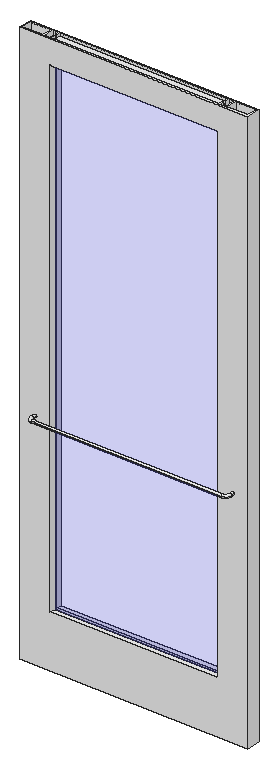
Revit family "kawneer-360_insulclad-sgl_20623", category Doors, Revit 2015
Parameters
  Width = 0"
  Water - Static (ASTM E 331) = "product not tested"
  URL = "http://www.kawneer.com/kawneer/north_america/en/product.asp?prod_id=1821"
  Type of Glazing = "insulating"
  Type Comments = "Medium Stile Insulated Swing Door"
  Thickness = 0"
  Thermal Transmittance = "< 0.67 BTU/hr/sf/F"
  Sub Category3 = ""
  Sub Category2 = ""
  Sub Category1 = ""
  Sightline = 0"
  Short Description = "Medium Stile Insulated Swing Door"
  Product data url = "https://bimobject.com/kawneerna/product/20617"
  Panel Inserts Material = none
  Overall U-Factor = "product not tested"
  Model = "360 Insulclad®"
  Manufacturer Part Number = "360 Insulclad®"
  Manufacturer = "Kawneer"
  Keywords = "Entrance, Door, Swing Door, Thermally Broken"
  Hurricane Resistant Tested = "product not tested"
  Hinging Types = "Offset Pivot, Butt Hinge, Continuous Gear Hinge"
  Height [instance] = 84"
  Glazing Thickness = 0"
  Glass U-Factor = "product not tested"
  Glass Installtion = "outside"
  Glass Capture = "Captured"
  Function (Interior or Exterior) = "Exterior"
  Function = Interior
  Door Panel Width = 0"
  Door Panel Material = none
  Door Panel Height = 0"
  Door Opening = 0"
  Door Handle Material = none
  Door Corner Construction = "Welded"
  Design Pressure = "n/a"
  Design Load = "n/a"
  Description = "The \"360 Insulclad\" is a narrow stile entrance door that is thermally broken and features the dual moment corner construction."
  Depth = 0"
  Color = "any"
  Cladding Type = "Aluminum - ASTM B 221 - 6063-T6 alloy and temper"
  CSI Masterformat Code = "08 41 13"
  Assembly Code = "B2030110"
  Application = "moderate traffic, thermal"
  Air Infiltration (ASTM E 283) = "< 0.50 cfm/ft2  @ 6.24 psf (300 Pa), Single Doors,"
  2-Color Option = "yes"
Reference planes
  plane 1 "Center (Front/Back)": y = 0
  plane 2: z = 0
  plane 3 "Center (Left/Right)": x = -401.877
  plane 4: x = -831.877
  plane 5: x = 28.123
  plane 6 "Top": z = 2133.6
Text (mm)
  text "Exterior" at (-1161.5, 797.241, 0), in view "Ref. Level"
Dimensions and locks
  equal spacing: plane 4, plane 3 "Center (Left/Right)", plane 5
  "Height": plane 2 to plane 6 "Top"
  aligned and locked: plane 4 to nested 1
  aligned and locked: plane 5 to nested 1
  aligned and locked: nested 1 to plane 1 "Center (Front/Back)"
Nested families
  nested 1: "Kawneer-360_Insulclad-Sgl" at (-712.233, -50, 0) x (-1, 0, 0) z (0, 0, 1), Height <- "Height", type "Kawneer-360_Insulclad-Sgl"
    with Width 33.85827", Height 84", Door Handle Width 29.35827"
Definition of nested family "Kawneer-360_Insulclad-Sgl"
  Parameters
    Width [instance] = 32"
    Water - static (ASTM E 331) = ""
    Type of Glazing = ""
    Thermal transmittance = ""
    Sub Category3 = ""
    Sub Category2 = ""
    Sub Category1 = ""
    Short Description = ""
    Performance standards = ""
    Panel Inserts Material = none
    Overall U-Factor = ""
    Mfr Part Num = ""
    Manufacturer = "Kawneer"
    Keywords = ""
    Hurricane Resistant Tested = ""
    Hinging Types = ""
    Height [instance] = 84"
    Glass capture = ""
    Glass U-Factor = ""
    Glass Installtion = ""
    Function (Interior or Exterior) = ""
    Door Panel Material = none
    Door Hangle Material = none
    Door Hangle Height = 33 25/256"
    Door Handle Width [instance] = Width - (2 1/4" * 2)  # 27 1/2"
    Door Corner Construction = ""
    Design load = ""
    Design Pressure = ""
    Depth = 2"
    Color = ""
    Cladding Type = ""
    CSI Mastformat Code = ""
    Assembly Code = "B2030110"
    Application = ""
    Air Infiltration (ASTM E 283) = ""
    2-Color Option = ""
  Reference planes
    plane 1 "Center (Front/Back)": y = -50
    plane 2: z = 0
    plane 3 "Center (Left/Right)": x = -310.356
    plane 4: x = -716.756
    plane 5: x = 96.044
    plane 6: y = -24.6
    plane 7: y = -75.4
    plane 8: z = 2133.6
    plane 9: z = 840.68
    plane 10: x = -602.456
    plane 11: x = -18.256
    plane 12: x = -659.606
  Forms (mm)
    Extrusion 1, solid, material <- "Panel Inserts Material"
      sketch origin (0, 0, 0) x (1, 0, 0) y (0, 1, 0)
        loop
          line (-607.417, -44.582) -> (-607.417, -55.418) -> (-13.295, -55.418) -> (-13.295, -44.582) -> (-607.417, -44.582)
      from 193.039 to 2049.661
    Sweep 2, solid, material <- "Door Panel Material"
      path origin (0, -50, 0) x (1, 0, 0) y (0, 0, 1)
        loop
          line (-716.756, 2133.6) -> (-716.756, 0)
      profile "IC360 Side : IC360 Side" origin (-716.756, -50, 1066.8) x (1, 0, 0) y (0, -1, 0)
        loop
          line (83.9, -20.4) -> (83.9, 20.439) -> (4.961, 20.439) -> (4.961, -20.4) -> (83.9, -20.4)
        loop
          line (114.3, 25.4) -> (0, 25.4) -> (0, -25.4) -> (114.3, -25.4) -> (114.3, -5.418) -> (109.339, -5.418) -> (109.339, -20.4) -> (88.9, -20.4) -> (88.9, 20.4) -> (109.339, 20.4) -> (109.339, 5.418) -> (114.3, 5.418) -> (114.3, 25.4)
    Sweep 3, solid, material <- "Door Panel Material"
      path origin (0, -50, 0) x (1, 0, 0) y (0, 0, 1)
        loop
          line (96.044, 2133.6) -> (96.044, 0)
      profile "IC360 Side : IC360 Side" origin (96.044, -50, 1066.8) x (1, 0, 0) y (0, -1, 0)
        loop
          line (-83.9, 20.4) -> (-83.9, -20.439) -> (-4.961, -20.439) -> (-4.961, 20.4) -> (-83.9, 20.4)
        loop
          line (-114.3, -25.4) -> (0, -25.4) -> (0, 25.4) -> (-114.3, 25.4) -> (-114.3, 5.418) -> (-109.339, 5.418) -> (-109.339, 20.4) -> (-88.9, 20.4) -> (-88.9, -20.4) -> (-109.339, -20.4) -> (-109.339, -5.418) -> (-114.3, -5.418) -> (-114.3, -25.4)
    Sweep 4, solid, material <- "Door Panel Material"
      path origin (0, -50, 0) x (1, 0, 0) y (0, 0, 1)
        loop
          line (-602.456, 2133.6) -> (-18.256, 2133.6)
      profile "IC360 Top : IC360 Top" origin (-310.356, -50, 2133.6) x (0, 0, 1) y (0, -1, 0)
        loop
          line (-51, 20.4) -> (-51, -20.439) -> (-15, -20.439) -> (-15, 20.4) -> (-51, 20.4)
        loop
          line (-56, -20.4) -> (-83.939, -20.4) -> (-83.939, -5.418) -> (-88.9, -5.418) -> (-88.9, -25.4) -> (0, -25.4) -> (0, -20.4) -> (-10, -20.4) -> (-10, 20.4) -> (0, 20.4) -> (0, 25.4) -> (-88.9, 25.4) -> (-88.9, 5.418) -> (-83.939, 5.418) -> (-83.939, 20.4) -> (-56, 20.4) -> (-56, -20.4)
    Sweep 5, solid, material <- "Door Panel Material"
      path origin (0, -50, 0) x (1, 0, 0) y (0, 0, 1)
        loop
          line (-602.456, 0) -> (-18.256, 0)
      profile "IC360 Bottom : IC360 Bottom" origin (-310.356, -50, 0) x (0, 0, 1) y (0, -1, 0)
        loop
          line (160.1, -20.4) -> (160.1, 20.439) -> (15, 20.439) -> (15, -20.4) -> (160.1, -20.4)
        loop
          line (165.1, 20.4) -> (193.039, 20.4) -> (193.039, 5.418) -> (198, 5.418) -> (198, 25.4) -> (0, 25.4) -> (0, 20.4) -> (10, 20.4) -> (10, -20.4) -> (0, -20.4) -> (0, -25.4) -> (198, -25.4) -> (198, -5.418) -> (193.039, -5.418) -> (193.039, -20.4) -> (165.1, -20.4) -> (165.1, 20.4)
  Cuts and joins
    joined: Sweep 2, Sweep 3, Sweep 4, Sweep 5
  Dimensions and locks
    equal spacing: plane 4, plane 3 "Center (Left/Right)", plane 5
    equal spacing: plane 6, plane 1 "Center (Front/Back)", plane 7
    "Depth": plane 6 to plane 7
    "Width": plane 4 to plane 5
    "Height": plane 8 to level
    "Door Hangle Height": plane 9 to level
    locked: plane 4 to plane 10 at 114.3
    locked: plane 11 to plane 5 at 114.3
    locked: plane 4 to plane 12 at 57.15
    aligned and locked: plane 7 to nested 1
    aligned and locked: plane 9 to nested 1
    aligned and locked: nested 2 to plane 6
    aligned and locked: nested 2 to plane 9
    aligned and locked: plane 12 to nested 1
    aligned and locked: plane 8 to Sweep 2 sketch curve
    aligned and locked: level to Sweep 2 sketch curve
    aligned and locked: plane 8 to Sweep 3 sketch curve
    aligned and locked: level to Sweep 3 sketch curve
    aligned and locked: plane 10 to Sweep 2
    aligned and locked: plane 11 to Sweep 3
    aligned and locked: plane 11 to Sweep 4 sketch curve
    aligned and locked: plane 10 to Sweep 4 sketch curve
    aligned and locked: Extrusion 1 to cut or joined group of Sweep 2, Sweep 3, Sweep 4, Sweep 5
    aligned and locked: plane 10 to Sweep 5 sketch curve
    aligned and locked: plane 11 to Sweep 5 sketch curve
    aligned and locked: Sweep 5 to Extrusion 1
  Automatic sketch dimensions
    Extrusion 1 sketch curve to plane 10 = 25/128"
    plane 1 "Center (Front/Back)" to Extrusion 1 sketch curve = 0.21331"
    Extrusion 1 sketch curve to plane 1 "Center (Front/Back)" = 0.21331"
    Extrusion 1 sketch curve to plane 11 = 25/128"
    Sweep 2 sketch curve to plane 4 = 0"
    Sweep 3 sketch curve to plane 5 = 0"
    Sweep 4 sketch curve to plane 8 = 0"
    Sweep 5 sketch curve to level = 0"
  Nested families
    nested 1: "Style CO 9 Pull" at (-697.641, -75.4, 612.08), type "Style CO 9 Pull"
    nested 2: "Style CP II Push Bar" at (-260.356, -24.6, 840.68), type "Style CP II Push Bar"
      with Width 27 1/2"
  Definition of nested family "Style CO 9 Pull"
    Parameters
      Width = 1.1811"
      Height = 9"
      Hangle Material = none
      Depth = 1.1811"
    Reference planes
      plane 1 "Center (Front/Back)": y = 0
      plane 2: z = 0
      plane 3 "Center (Left/Right)": x = 53.034
      plane 4: y = -30
      plane 5: x = 38.034
      plane 6: x = 68.034
      plane 7: x = 46.034
      plane 8 "Top": z = 228.6
      plane 9: x = 60.034
      plane 10: z = 220.6
      plane 11: z = 8
    Forms (mm)
      Sweep 1, solid, material <- "Hangle Material"
        path origin (0, 0, 0) x (1, 0, 0) y (0, 1, 0)
          loop
            line (38.034, 0) -> (38.034, -23)
            arc (38.034, -23) -> (40.085, -27.95) -> (45.034, -30) r 7
            line (45.034, -30) -> (60.034, -30)
        profile origin (38.034, -11.5, 0) x (1, 0, 0) y (0, 0, 1)
          loop
            circle (0, 0) r 5
      Sweep 2, solid, material <- "Hangle Material"
        path origin (0, 0, 228.6) x (-1, 0, 0) y (0, -1, 0)
          loop
            line (-38.034, 0) -> (-38.034, 23)
            arc (-38.034, 23) -> (-40.085, 27.95) -> (-45.034, 30) r 7
            line (-45.034, 30) -> (-60.034, 30)
        profile origin (38.034, -11.5, 228.6) x (1, 0, 0) y (0, 0, 1)
          loop
            circle (0, 0) r 5
      Sweep 3, solid, material <- "Hangle Material"
        path origin (-1540.712, -30, 1200) x (-1, 0, 0) y (0, 0, 1)
          loop
            arc (-1600.747, -1200) -> (-1606.404, -1197.657) -> (-1608.747, -1192) r 8
            line (-1608.747, -1192) -> (-1608.747, -979.4)
            arc (-1608.747, -979.4) -> (-1606.404, -973.743) -> (-1600.747, -971.4) r 8
        profile origin (68.034, -30, 114.3) x (1, 0, 0) y (0, 1, 0)
          loop
            circle (0, 0) r 5
    Cuts and joins
      joined: Sweep 1, Sweep 2, Sweep 3
    Dimensions and locks
      "Depth": plane 4 to plane 1 "Center (Front/Back)"
      equal spacing: plane 5, plane 3 "Center (Left/Right)", plane 6
      locked: plane 5 to plane 7 at 8
      "Width": plane 5 to plane 6
      "Height": plane 8 "Top" to level
      locked: plane 9 to plane 6 at 8
      locked: level to plane 11 at 8
      locked: plane 10 to plane 8 "Top" at 8
      aligned and locked: Sweep 1 sketch curve to plane 5
      aligned and locked: Sweep 1 sketch curve to plane 4
      aligned and locked: plane 1 "Center (Front/Back)" to Sweep 1 sketch curve
      aligned and locked: plane 9 to Sweep 1 sketch curve
      aligned and locked: Sweep 2 sketch curve to plane 5
      aligned and locked: Sweep 2 sketch curve to plane 4
      aligned and locked: plane 1 "Center (Front/Back)" to Sweep 2 sketch curve
      aligned and locked: plane 9 to Sweep 2 sketch curve
      aligned and locked: plane 6 to Sweep 3 sketch curve  (x2)
      aligned and locked: plane 10 to Sweep 3 sketch curve
      aligned and locked: plane 11 to Sweep 3 sketch curve
      aligned and locked: plane 9 to Sweep 3 sketch curve  (x2)
      aligned and locked: plane 8 "Top" to Sweep 3 sketch curve
      aligned and locked: level to Sweep 3 sketch curve
      aligned and locked: plane 4 to Sweep 3 sketch curve
    Automatic sketch dimensions
      Sweep 1 sketch curve to plane 7 = 0.03937"
      Sweep 1 sketch curve to level = 0"
      Sweep 1 sketch curve to profile plane = 0"
      Sweep 2 sketch curve to plane 7 = 0.03937"
      Sweep 2 sketch curve to plane 8 "Top" = 0"
      Sweep 2 sketch curve to profile plane = 0"
      radius of Sweep 1 sketch curve = 0.19685"
      radius of Sweep 2 sketch curve = 0.19685"
      radius of Sweep 3 sketch curve = 0.19685"
  Definition of nested family "Style CP II Push Bar"
    Parameters
      Width = 28"
      Hangle Material = none
      Depth = 1.1811"
    Reference planes
      plane 1 "Center (Front/Back)": y = 0
      plane 2: z = 0
      plane 3 "Center (Left/Right)": x = -50
      plane 4: x = -405.6
      plane 5: x = 305.6
      plane 6: y = -30
      plane 7: z = 0
    Forms (mm)
      Sweep 1, solid, material <- "Hangle Material"
        path origin (0, 0, 0) x (1, 0, 0) y (0, 1, 0)
          loop
            line (-405.6, 0) -> (-405.6, -15)
            arc (-405.6, -15) -> (-401.207, -25.607) -> (-390.6, -30) r 15
            line (-390.6, -30) -> (290.6, -30)
            arc (290.6, -30) -> (301.207, -25.607) -> (305.6, -15) r 15
            line (305.6, -15) -> (305.6, 0)
        profile origin (-50, -30, 0) x (0, 1, 0) y (0, 0, 1)
          loop
            circle (0, 0) r 5
    Dimensions and locks
      "Depth": plane 6 to plane 1 "Center (Front/Back)"
      equal spacing: plane 4, plane 3 "Center (Left/Right)", plane 5
      "Width": plane 4 to plane 5
      aligned and locked: Sweep 1 sketch curve to plane 5
      aligned and locked: plane 1 "Center (Front/Back)" to Sweep 1 sketch curve  (x2)
      aligned and locked: Sweep 1 sketch curve to plane 4
      aligned and locked: level to plane 7
    Automatic sketch dimensions
      Sweep 1 sketch curve to level = 0"
      Sweep 1 sketch curve to profile plane = 0"
      Sweep 1 sketch curve to plane 6 = 0"
      plane 4 to Sweep 1 sketch curve = 0.59055"
      plane 1 "Center (Front/Back)" to Sweep 1 sketch curve = 0.59055"
      radius of Sweep 1 sketch curve = 0.19685"
